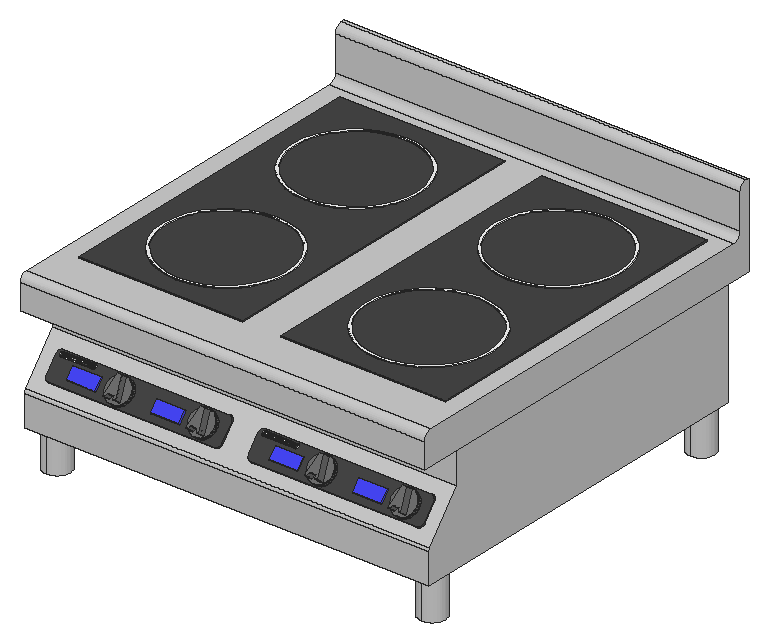
Revit family "QF_ADVENTYS_MO4I_24000_250902092656", category Specialty Equipment, Revit 2021
Family settings
  Round Connector Dimension = Use Diameter
  Part Type = Normal
  OmniClass Number = 23.40.40.14
  OmniClass Title = Food Service Equipment
  Work Plane-Based = No
  Always vertical = Yes
  Cut with Voids When Loaded = No
  Shared = No
  Room Calculation Point = No
Parameters (values of type "ADV1659")
  Weight in Pounds [instance] = 0
  Weight = 95.00 kg
  Warranty Start Date [instance] = ""
  Warranty Duration [instance] = ""
  Volts [instance] = 400 V
  URL Recommended Spares List = ""
  URL Manufacturer = ""
  URL Cutsheet = ""
  URL Critical Spares List = ""
  URL = "www.adventys.com"
  Tag Number [instance] = ""
  Status [instance] = ""
  Specification by User [instance] = ""
  Specification by Manufacturer [instance] = ""
  Sound Level [instance] = ""
  Solid Fuel Type [instance] = ""
  Service Life Duration [instance] = ""
  Serial Number [instance] = ""
  Seismic Rating [instance] = ""
  SMACNA No [instance] = ""
  Revision Code [instance] = ""
  Revision [instance] = ""
  Production Year [instance] = ""
  Point Load [instance] = 0
  Phase [instance] = 3
  Other Equipment Approvals [instance] = ""
  Number of Poles [instance] = 3
  NAFEM Spec ID Number [instance] = ""
  Model Warning [instance] = ""
  Model = "MO4I 24000"
  Min Ckt Ampacity [instance] = 0 A
  Max Overcurrent Protection [instance] = 0 A
  Masterspec [instance] = ""
  Manufacturer = "ADVENTYS"
  Length Actual = 800 mm
  Item Number [instance] = ""
  Installed By [instance] = ""
  Installation Date [instance] = ""
  Identify Quantity as Lot [instance] = no
  ID [instance] = ""
  Hygiene Approval [instance] = ""
  Hot Water Consumption = 0.0 L/s
  Height Actual = 455 mm
  HP power [instance] = ""
  Furnished By [instance] = ""
  Foodservice Equipment Identifier [instance] = no
  FL Amps [instance] = 40 A
  Electrical Remarks [instance] = ""
  Electric power [instance] = 0 W
  Electric Connection Type [instance] = ""
  Elec Conn RI Height [instance] = 0 mm
  Elec Conn Connection Height [instance] = 0 mm
  ETL Approved [instance] = no
  Description = "INDUCTION MODULE 4 ZONES THREE-PHASE"
  Depth Actual = 800 mm
  Default Elevation = 0 mm
  Cycle [instance] = 50 Hz
  Cost = 0
  Conn Plug [instance] = ""
  Conn Conduit [instance] = no
  CSI MasterFormat [instance] = ""
  CE Approved [instance] = no
  Barcode [instance] = 0
  Author [instance] = ""
  Asset Identifier [instance] = ""
  Apparent Power [instance] = 24000 VA
  Accessory = no
Reference planes
  plane 1 "Center (Front/Back)": y = 0
  plane 2: z = 0
  plane 3 "Center (Left/Right)": x = 0
Forms (mm)
  Extrusion 1, solid, not visible
    sketch origin (111.005, -39.002, 227.011) x (1, 0, 0) y (0, 1, 0)
      loop
        line (-2, 2) -> (-2, -2) -> (2, -2) -> (2, 2) -> (-2, 2)
    from -2 to 2
Dimensions and locks
  locked: Extrusion 1 to nested 2
  locked: nested 2 to Extrusion 1 at 2
  aligned and locked: level to plane 2
Nested families
  nested 1: "QF_ADVENTYS_ADV1659_2916" at (0, 0, 0), type "ADV1659"
    with Status "", Show Logo yes
  nested 2: "CONN_POINT_ELE_2D___Generic_Annotation" at (111.005, -37.002, 227.011), type "CONN_POINT_ELE_2D___Generic_Annotation"
    with Onboard connection annotation symbol visibility yes
Connectors
  electrical at (111.005, -37.002, 227.011), driven by "Apparent Power", driven by "Number of Poles", driven by "Volts"
    settings: on Extrusion 1, index 1, voltage 400 V, apparent load 0 VA, apparent load phase1 24000 VA, apparent load phase2 0 VA, apparent load phase3 0 VA, power factor 1, load classification "Other", number of poles 3, system type 31, power factor state 1, is connector primary yes, connector utility no, sub classification motor no, connector description "Electrical connection for MO4I 24000"
Definition of nested family "QF_ADVENTYS_ADV1659_2916"
  Parameters (values of type "ADV1659")
    URL = "www.adventys.com"
    Status [instance] = ""
    Show Logo [instance] = yes
    Model = "MO4I 24000"
    Manufacturer = "ADVENTYS"
    Description = "INDUCTION MODULE 4 ZONES THREE-PHASE"
    Default Elevation = 0 mm
    Author = "SPECIFI"
    Assembly Code = "E1090320"
  Reference planes
    plane 1 "Back": y = 0
    plane 2: z = 0
    plane 3 "Left": x = 0
    plane 4 "Right": x = 800
    plane 5 "Front": y = -800
    plane 6 "Top": z = 455
  Forms (mm)
    Extrusion 1, solid
      sketch origin (0, 0, 0) x (0, 1, 0) y (0, 0, 1)
        loop
          line (-790, 80) -> (-50, 80) -> (-50, 290.8) -> (-720, 290.8) -> (-720, 227.161) -> (-787.017, 147.294)
          arc (-787.017, 147.294) -> (-789.078, 143.88) -> (-790, 140) r 12.92
          line (-790, 140) -> (-790, 80)
      from 0 to 800
    Extrusion 2, solid
      sketch origin (0, 0, 0) x (0, 1, 0) y (0, 0, 1)
        loop
          line (0, 290.8) -> (0, 455) -> (-5, 455)
          arc (-5, 455) -> (-15.607, 450.607) -> (-20, 440) r 15
          line (-20, 440) -> (-20, 370.8)
          arc (-20, 370.8) -> (-24.393, 360.193) -> (-35, 355.8) r 15
          line (-35, 355.8) -> (-785, 355.8)
          arc (-785, 355.8) -> (-795.607, 351.407) -> (-800, 340.8) r 15
          line (-800, 340.8) -> (-800, 290.8) -> (0, 290.8)
      from 0 to 800
    Extrusion 3, solid
      sketch origin (37, -56.5, 0) x (1, 0, 0) y (0, 1, 0)
        loop
          line (0, 0) -> (0, -646) -> (326, -646) -> (326, 0) -> (0, 0)
      from 355.8 to 357.613
    Extrusion 4, solid
      sketch origin (0, 0, 0) x (1, 0, 0) y (0, 1, 0)
        loop
          circle (200, -220) r 125
        loop
          circle (200, -220) r 120
        loop
          circle (200, -540.027) r 125
        loop
          circle (200, -540.027) r 120
      from 357.613 to 358.673
    Extrusion 5, solid
      sketch origin (525, -720, 227.161) x (0, -0.642788, -0.766044) y (1, 0, 0)
        loop
          arc (26.45, -488.6) -> (29.379, -495.671) -> (36.45, -498.6) r 10
          line (36.45, -498.6) -> (72.45, -498.6)
          arc (72.45, -498.6) -> (79.521, -495.671) -> (82.45, -488.6) r 10
          line (82.45, -488.6) -> (82.45, -161.4)
          arc (82.45, -161.4) -> (79.521, -154.329) -> (72.45, -151.4) r 10
          line (72.45, -151.4) -> (36.45, -151.4)
          arc (36.45, -151.4) -> (29.379, -154.329) -> (26.45, -161.4) r 10
          line (26.45, -161.4) -> (26.45, -488.6)
      from 0 to 1.881
    Extrusion 6, solid
      sketch origin (525, -720, 227.161) x (0, -0.642788, -0.766044) y (1, 0, 0)
        loop
          line (44.95, -459.1) -> (68.95, -459.1) -> (68.95, -403.1) -> (44.95, -403.1) -> (44.95, -459.1)
        loop
          line (44.95, -293.6) -> (68.95, -293.6) -> (68.95, -237.6) -> (44.95, -237.6) -> (44.95, -293.6)
      from 1.881 to 3.679
    Extrusion 7, solid
      sketch origin (525, -720, 227.161) x (0, -0.642788, -0.766044) y (1, 0, 0)
        loop
          line (77.193, -371.481) -> (78.52, -367.858) -> (79.283, -363.991) -> (79.427, -360.015) -> (78.941, -356.081) -> (77.862, -352.331) -> (76.265, -348.888) -> (74.254, -345.841) -> (71.944, -343.24) -> (69.45, -341.1) -> (66.873, -339.405) -> (64.297, -338.121) -> (61.785, -337.2) -> (59.381, -336.591) -> (56.817, -336.212) -> (54.45, -336.1) -> (52.084, -336.212) -> (49.52, -336.591) -> (47.116, -337.2) -> (44.604, -338.121) -> (42.027, -339.405) -> (39.45, -341.1) -> (36.956, -343.24) -> (34.647, -345.841) -> (32.636, -348.888) -> (31.039, -352.331) -> (29.959, -356.081) -> (29.474, -360.015) -> (29.618, -363.991) -> (30.381, -367.858) -> (31.708, -371.481) -> (33.507, -374.752) -> (35.926, -377.889) -> (38.945, -380.711) -> (42.475, -383.045) -> (46.365, -384.756) -> (50.423, -385.773) -> (54.45, -386.1) -> (58.478, -385.773) -> (62.536, -384.756) -> (66.426, -383.045) -> (69.956, -380.711) -> (72.974, -377.889) -> (75.393, -374.752) -> (77.193, -371.481)
        loop
          line (78.941, -191.081) -> (77.862, -187.331) -> (76.265, -183.888) -> (74.254, -180.841) -> (71.944, -178.24) -> (69.45, -176.1) -> (66.873, -174.405) -> (64.297, -173.121) -> (61.785, -172.2) -> (59.381, -171.591) -> (56.817, -171.212) -> (54.45, -171.1) -> (52.084, -171.212) -> (49.52, -171.591) -> (47.116, -172.2) -> (44.604, -173.121) -> (42.027, -174.405) -> (39.45, -176.1) -> (36.956, -178.24) -> (34.647, -180.841) -> (32.636, -183.888) -> (31.039, -187.331) -> (29.959, -191.081) -> (29.474, -195.015) -> (29.618, -198.991) -> (30.381, -202.858) -> (31.708, -206.481) -> (33.507, -209.752) -> (35.926, -212.889) -> (38.945, -215.711) -> (42.475, -218.045) -> (46.365, -219.756) -> (50.423, -220.773) -> (54.45, -221.1) -> (58.478, -220.773) -> (62.536, -219.756) -> (66.426, -218.045) -> (69.956, -215.711) -> (72.974, -212.889) -> (75.393, -209.752) -> (77.193, -206.481) -> (78.52, -202.858) -> (79.283, -198.991) -> (79.427, -195.015) -> (78.941, -191.081)
      from 1.881 to 10
    Extrusion 8, solid
      sketch origin (525, -720, 227.161) x (0, -0.642788, -0.766044) y (1, 0, 0)
        loop
          line (72.45, -353.1) -> (72.45, -348.1) -> (31.45, -357.1) -> (31.45, -365.1) -> (72.45, -374.1) -> (72.45, -369.1) -> (66.45, -367.1) -> (66.45, -355.1) -> (72.45, -353.1)
      from 10 to 25.009
    Extrusion 9, solid
      sketch origin (690, -720, 227.161) x (0, -0.642788, -0.766044) y (1, 0, 0)
        loop
          line (72.45, -353.1) -> (72.45, -348.1) -> (31.45, -357.1) -> (31.45, -365.1) -> (72.45, -374.1) -> (72.45, -369.1) -> (66.45, -367.1) -> (66.45, -355.1) -> (72.45, -353.1)
      from 10 to 25.009
    Revolve 10, solid
      sketch origin (29, 0, 0) x (0, 1, 0) y (0, 0, 1)
        loop
          line (-719, 0) -> (-719, 80) -> (-745, 80) -> (-745, 0) -> (-719, 0)
        axis (-745, 80) -> (-745, 0)
      angle from 0 to 360
    Revolve 11, solid
      sketch origin (29, 665, 0) x (0, 1, 0) y (0, 0, 1)
        loop
          line (-719, 0) -> (-719, 80) -> (-745, 80) -> (-745, 0) -> (-719, 0)
        axis (-745, 80) -> (-745, 0)
      angle from 0 to 360
    Revolve 12, solid
      sketch origin (771, 0, 0) x (0, 1, 0) y (0, 0, 1)
        loop
          line (-719, 0) -> (-719, 80) -> (-745, 80) -> (-745, 0) -> (-719, 0)
        axis (-745, 80) -> (-745, 0)
      angle from 0 to 360
    Revolve 13, solid
      sketch origin (771, 665, 0) x (0, 1, 0) y (0, 0, 1)
        loop
          line (-719, 0) -> (-719, 80) -> (-745, 80) -> (-745, 0) -> (-719, 0)
        axis (-745, 80) -> (-745, 0)
      angle from 0 to 360
    Extrusion 14, solid
      sketch origin (0, 0, 0) x (1, 0, 0) y (0, 0, 1)
        loop
          line (173, 264) -> (47, 264) -> (47, 170) -> (173, 170) -> (173, 264)
      from 47.858 to 50
    Extrusion 15, solid
      sketch origin (0, 0, 0) x (1, 0, 0) y (0, 0, 1)
        loop
          circle (110.78, 227.161) r 15
      from 36.426 to 47.858
    Extrusion 16, solid
      sketch origin (925, -720, 227.161) x (0, -0.642788, -0.766044) y (1, 0, 0)
        loop
          arc (26.45, -488.6) -> (29.379, -495.671) -> (36.45, -498.6) r 10
          line (36.45, -498.6) -> (72.45, -498.6)
          arc (72.45, -498.6) -> (79.521, -495.671) -> (82.45, -488.6) r 10
          line (82.45, -488.6) -> (82.45, -161.4)
          arc (82.45, -161.4) -> (79.521, -154.329) -> (72.45, -151.4) r 10
          line (72.45, -151.4) -> (36.45, -151.4)
          arc (36.45, -151.4) -> (29.379, -154.329) -> (26.45, -161.4) r 10
          line (26.45, -161.4) -> (26.45, -488.6)
      from 0 to 1.881
    Extrusion 17, solid
      sketch origin (925, -720, 227.161) x (0, -0.642788, -0.766044) y (1, 0, 0)
        loop
          line (44.95, -459.1) -> (68.95, -459.1) -> (68.95, -403.1) -> (44.95, -403.1) -> (44.95, -459.1)
        loop
          line (44.95, -293.6) -> (68.95, -293.6) -> (68.95, -237.6) -> (44.95, -237.6) -> (44.95, -293.6)
      from 1.881 to 3.679
    Extrusion 18, solid
      sketch origin (925, -720, 227.161) x (0, -0.642788, -0.766044) y (1, 0, 0)
        loop
          line (77.193, -371.481) -> (78.52, -367.858) -> (79.283, -363.991) -> (79.427, -360.015) -> (78.941, -356.081) -> (77.862, -352.331) -> (76.265, -348.888) -> (74.254, -345.841) -> (71.944, -343.24) -> (69.45, -341.1) -> (66.873, -339.405) -> (64.297, -338.121) -> (61.785, -337.2) -> (59.381, -336.591) -> (56.817, -336.212) -> (54.45, -336.1) -> (52.084, -336.212) -> (49.52, -336.591) -> (47.116, -337.2) -> (44.604, -338.121) -> (42.027, -339.405) -> (39.45, -341.1) -> (36.956, -343.24) -> (34.647, -345.841) -> (32.636, -348.888) -> (31.039, -352.331) -> (29.959, -356.081) -> (29.474, -360.015) -> (29.618, -363.991) -> (30.381, -367.858) -> (31.708, -371.481) -> (33.507, -374.752) -> (35.926, -377.889) -> (38.945, -380.711) -> (42.475, -383.045) -> (46.365, -384.756) -> (50.423, -385.773) -> (54.45, -386.1) -> (58.478, -385.773) -> (62.536, -384.756) -> (66.426, -383.045) -> (69.956, -380.711) -> (72.974, -377.889) -> (75.393, -374.752) -> (77.193, -371.481)
        loop
          line (78.941, -191.081) -> (77.862, -187.331) -> (76.265, -183.888) -> (74.254, -180.841) -> (71.944, -178.24) -> (69.45, -176.1) -> (66.873, -174.405) -> (64.297, -173.121) -> (61.785, -172.2) -> (59.381, -171.591) -> (56.817, -171.212) -> (54.45, -171.1) -> (52.084, -171.212) -> (49.52, -171.591) -> (47.116, -172.2) -> (44.604, -173.121) -> (42.027, -174.405) -> (39.45, -176.1) -> (36.956, -178.24) -> (34.647, -180.841) -> (32.636, -183.888) -> (31.039, -187.331) -> (29.959, -191.081) -> (29.474, -195.015) -> (29.618, -198.991) -> (30.381, -202.858) -> (31.708, -206.481) -> (33.507, -209.752) -> (35.926, -212.889) -> (38.945, -215.711) -> (42.475, -218.045) -> (46.365, -219.756) -> (50.423, -220.773) -> (54.45, -221.1) -> (58.478, -220.773) -> (62.536, -219.756) -> (66.426, -218.045) -> (69.956, -215.711) -> (72.974, -212.889) -> (75.393, -209.752) -> (77.193, -206.481) -> (78.52, -202.858) -> (79.283, -198.991) -> (79.427, -195.015) -> (78.941, -191.081)
      from 1.881 to 10
    Extrusion 19, solid
      sketch origin (925, -720, 227.161) x (0, -0.642788, -0.766044) y (1, 0, 0)
        loop
          line (72.45, -353.1) -> (72.45, -348.1) -> (31.45, -357.1) -> (31.45, -365.1) -> (72.45, -374.1) -> (72.45, -369.1) -> (66.45, -367.1) -> (66.45, -355.1) -> (72.45, -353.1)
      from 10 to 25.009
    Extrusion 20, solid
      sketch origin (1090, -720, 227.161) x (0, -0.642788, -0.766044) y (1, 0, 0)
        loop
          line (72.45, -353.1) -> (72.45, -348.1) -> (31.45, -357.1) -> (31.45, -365.1) -> (72.45, -374.1) -> (72.45, -369.1) -> (66.45, -367.1) -> (66.45, -355.1) -> (72.45, -353.1)
      from 10 to 25.009
    Extrusion 21, solid
      sketch origin (437, -56.5, 0) x (1, 0, 0) y (0, 1, 0)
        loop
          line (0, 0) -> (0, -646) -> (326, -646) -> (326, 0) -> (0, 0)
      from 355.8 to 357.613
    Extrusion 22, solid
      sketch origin (400, 0, 0) x (1, 0, 0) y (0, 1, 0)
        loop
          circle (200, -220) r 125
        loop
          circle (200, -220) r 120
        loop
          circle (200, -540.027) r 125
        loop
          circle (200, -540.027) r 120
      from 357.613 to 358.673
    Extrusion 23, solid, visible <- "Show Logo"
      sketch origin (-49.795, -335.149, 413.73) x (1, 0, 0) y (0, 0.642788, 0.766044)
        loop
          arc (88.581, -421.313) -> (88.113, -421.507) -> (87.92, -421.974) r 0.661
          line (87.92, -421.974) -> (87.92, -423.61)
          arc (87.92, -423.61) -> (88.124, -424.087) -> (88.609, -424.27) r 0.661
          line (88.609, -424.27) -> (88.609, -423.032)
          arc (88.609, -423.032) -> (88.952, -422.351) -> (89.662, -422.077) r 1.058
          line (89.662, -422.077) -> (92.486, -422.077)
          arc (92.486, -422.077) -> (92.335, -421.544) -> (91.833, -421.313) r 0.661
          line (91.833, -421.313) -> (88.581, -421.313)
        loop
          arc (88.581, -420.916) -> (87.833, -421.226) -> (87.523, -421.974) r 1.058
          line (87.523, -421.974) -> (87.523, -423.61)
          arc (87.523, -423.61) -> (87.843, -424.368) -> (88.609, -424.667) r 1.058
          arc (88.609, -424.667) -> (88.88, -425.483) -> (89.667, -425.828) r 1.058
          arc (89.667, -425.828) -> (89.974, -426.583) -> (90.725, -426.896) r 1.058
          line (90.725, -426.896) -> (93.719, -426.896)
          arc (93.719, -426.896) -> (94.467, -426.586) -> (94.777, -425.838) r 1.058
          line (94.777, -425.838) -> (94.777, -424.306)
          arc (94.777, -424.306) -> (94.463, -423.554) -> (93.708, -423.248) r 1.058
          arc (93.708, -423.248) -> (93.515, -422.517) -> (92.883, -422.101) r 1.058
          arc (92.883, -422.101) -> (92.625, -421.273) -> (91.833, -420.916) r 1.058
          line (91.833, -420.916) -> (88.581, -420.916)
        loop
          arc (93.719, -426.499) -> (94.187, -426.306) -> (94.38, -425.838) r 0.661
          line (94.38, -425.838) -> (94.38, -424.306)
          arc (94.38, -424.306) -> (94.185, -423.837) -> (93.714, -423.645) r 0.661
          line (93.714, -423.645) -> (93.714, -424.77)
          arc (93.714, -424.77) -> (93.404, -425.518) -> (92.656, -425.828) r 1.058
          line (92.656, -425.828) -> (90.064, -425.828)
          arc (90.064, -425.828) -> (90.254, -426.302) -> (90.725, -426.499) r 0.661
          line (90.725, -426.499) -> (93.719, -426.499)
        loop
          arc (95.546, -425.156) -> (95.587, -425.684) -> (96.116, -425.67) r 0.384
          line (96.116, -425.67) -> (96.845, -424.94) -> (99.743, -424.94) -> (100.472, -425.67)
          arc (100.472, -425.67) -> (101.001, -425.684) -> (101.042, -425.156) r 0.384
          line (101.042, -425.156) -> (98.294, -421.762) -> (95.546, -425.156)
        loop
          line (98.294, -423.127) -> (97.364, -424.275) -> (99.224, -424.275) -> (98.294, -423.127)
        loop
          line (102.315, -421.827) -> (102.315, -425.732) -> (105.995, -425.732)
          arc (105.995, -425.732) -> (107.947, -423.78) -> (105.995, -421.827) r 1.953
          line (105.995, -421.827) -> (102.315, -421.827)
        loop
          line (105.995, -422.854) -> (103.343, -422.854) -> (103.343, -424.705) -> (105.995, -424.705)
          arc (105.995, -424.705) -> (106.92, -423.78) -> (105.995, -422.854) r 0.925
        loop
          arc (109.84, -422.053) -> (109.312, -422.039) -> (109.27, -422.566) r 0.384
          line (109.27, -422.566) -> (112.019, -425.961) -> (114.767, -422.566)
          arc (114.767, -422.566) -> (114.725, -422.039) -> (114.197, -422.053) r 0.384
          line (114.197, -422.053) -> (112.019, -424.743) -> (109.84, -422.053)
        loop
          line (121.269, -421.781) -> (116.07, -421.781) -> (116.07, -425.732) -> (121.269, -425.732)
          arc (121.269, -425.732) -> (121.671, -425.331) -> (121.269, -424.93) r 0.401
          line (121.269, -424.93) -> (116.972, -424.93) -> (116.972, -424.139) -> (121.269, -424.139)
          arc (121.269, -424.139) -> (121.633, -423.775) -> (121.269, -423.412) r 0.363
          line (121.269, -423.412) -> (116.972, -423.412) -> (116.972, -422.583) -> (121.269, -422.583)
          arc (121.269, -422.583) -> (121.671, -422.182) -> (121.269, -421.781) r 0.401
        loop
          line (122.879, -422.331) -> (122.879, -425.274)
          arc (122.879, -425.274) -> (123.306, -425.701) -> (123.733, -425.274) r 0.427
          line (123.733, -425.274) -> (123.733, -423.122) -> (127.538, -425.5)
          arc (127.538, -425.5) -> (128.155, -425.516) -> (128.468, -424.984) r 0.608
          line (128.468, -424.984) -> (128.468, -422.254)
          arc (128.468, -422.254) -> (128.018, -421.804) -> (127.568, -422.254) r 0.45
          line (127.568, -422.254) -> (127.568, -424.337) -> (123.663, -421.897)
          arc (123.663, -421.897) -> (123.143, -421.883) -> (122.879, -422.331) r 0.513
        loop
          arc (130.273, -421.857) -> (129.778, -422.352) -> (130.273, -422.846) r 0.494
          line (130.273, -422.846) -> (132.065, -422.846) -> (132.065, -425.082)
          arc (132.065, -425.082) -> (132.54, -425.558) -> (133.016, -425.082) r 0.475
          line (133.016, -425.082) -> (133.016, -422.846) -> (134.724, -422.846)
          arc (134.724, -422.846) -> (135.218, -422.352) -> (134.724, -421.857) r 0.494
          line (134.724, -421.857) -> (130.273, -421.857)
        loop
          line (139.461, -423.175) -> (137.5, -421.853)
          arc (137.5, -421.853) -> (136.836, -421.982) -> (136.965, -422.646) r 0.479
          line (136.965, -422.646) -> (138.926, -423.969) -> (138.926, -425.108)
          arc (138.926, -425.108) -> (139.461, -425.643) -> (139.997, -425.108) r 0.535
          line (139.997, -425.108) -> (139.997, -423.969) -> (141.958, -422.646)
          arc (141.958, -422.646) -> (142.087, -421.982) -> (141.423, -421.853) r 0.479
          line (141.423, -421.853) -> (139.461, -423.175)
        loop
          line (148.501, -421.857) -> (144.795, -421.857)
          arc (144.795, -421.857) -> (143.661, -422.991) -> (144.795, -424.125) r 1.134
          line (144.795, -424.125) -> (147.852, -424.125)
          arc (147.852, -424.125) -> (148.265, -424.538) -> (147.852, -424.951) r 0.413
          line (147.852, -424.951) -> (144.128, -424.951)
          arc (144.128, -424.951) -> (143.786, -425.292) -> (144.128, -425.634) r 0.342
          line (144.128, -425.634) -> (148.218, -425.634)
          arc (148.218, -425.634) -> (148.994, -424.394) -> (147.885, -423.44) r 1.122
          line (147.885, -423.44) -> (144.736, -423.44)
          arc (144.736, -423.44) -> (144.286, -422.99) -> (144.736, -422.541) r 0.45
          line (144.736, -422.541) -> (148.501, -422.541)
          arc (148.501, -422.541) -> (148.843, -422.199) -> (148.501, -421.857) r 0.342
        loop
          arc (87.442, -420.162) -> (83.674, -423.931) -> (87.442, -427.699) r 3.769
          line (87.442, -427.699) -> (150.103, -427.699)
          arc (150.103, -427.699) -> (153.872, -423.931) -> (150.103, -420.162) r 3.769
          line (150.103, -420.162) -> (87.442, -420.162)
        loop
          arc (87.442, -419.771) -> (83.283, -423.931) -> (87.442, -428.091) r 4.16
          line (87.442, -428.091) -> (150.103, -428.091)
          arc (150.103, -428.091) -> (154.263, -423.931) -> (150.103, -419.771) r 4.16
          line (150.103, -419.771) -> (87.442, -419.771)
      from 176.77 to 176.97
    Extrusion 24, solid, visible <- "Show Logo"
      sketch origin (350.205, -335.149, 413.73) x (1, 0, 0) y (0, 0.642788, 0.766044)
        loop
          arc (88.581, -421.313) -> (88.113, -421.507) -> (87.92, -421.974) r 0.661
          line (87.92, -421.974) -> (87.92, -423.61)
          arc (87.92, -423.61) -> (88.124, -424.087) -> (88.609, -424.27) r 0.661
          line (88.609, -424.27) -> (88.609, -423.032)
          arc (88.609, -423.032) -> (88.952, -422.351) -> (89.662, -422.077) r 1.058
          line (89.662, -422.077) -> (92.486, -422.077)
          arc (92.486, -422.077) -> (92.335, -421.544) -> (91.833, -421.313) r 0.661
          line (91.833, -421.313) -> (88.581, -421.313)
        loop
          arc (88.581, -420.916) -> (87.833, -421.226) -> (87.523, -421.974) r 1.058
          line (87.523, -421.974) -> (87.523, -423.61)
          arc (87.523, -423.61) -> (87.843, -424.368) -> (88.609, -424.667) r 1.058
          arc (88.609, -424.667) -> (88.88, -425.483) -> (89.667, -425.828) r 1.058
          arc (89.667, -425.828) -> (89.974, -426.583) -> (90.725, -426.896) r 1.058
          line (90.725, -426.896) -> (93.719, -426.896)
          arc (93.719, -426.896) -> (94.467, -426.586) -> (94.777, -425.838) r 1.058
          line (94.777, -425.838) -> (94.777, -424.306)
          arc (94.777, -424.306) -> (94.463, -423.554) -> (93.708, -423.248) r 1.058
          arc (93.708, -423.248) -> (93.515, -422.517) -> (92.883, -422.101) r 1.058
          arc (92.883, -422.101) -> (92.625, -421.273) -> (91.833, -420.916) r 1.058
          line (91.833, -420.916) -> (88.581, -420.916)
        loop
          arc (93.719, -426.499) -> (94.187, -426.306) -> (94.38, -425.838) r 0.661
          line (94.38, -425.838) -> (94.38, -424.306)
          arc (94.38, -424.306) -> (94.185, -423.837) -> (93.714, -423.645) r 0.661
          line (93.714, -423.645) -> (93.714, -424.77)
          arc (93.714, -424.77) -> (93.404, -425.518) -> (92.656, -425.828) r 1.058
          line (92.656, -425.828) -> (90.064, -425.828)
          arc (90.064, -425.828) -> (90.254, -426.302) -> (90.725, -426.499) r 0.661
          line (90.725, -426.499) -> (93.719, -426.499)
        loop
          arc (95.546, -425.156) -> (95.587, -425.684) -> (96.116, -425.67) r 0.384
          line (96.116, -425.67) -> (96.845, -424.94) -> (99.743, -424.94) -> (100.472, -425.67)
          arc (100.472, -425.67) -> (101.001, -425.684) -> (101.042, -425.156) r 0.384
          line (101.042, -425.156) -> (98.294, -421.762) -> (95.546, -425.156)
        loop
          line (98.294, -423.127) -> (97.364, -424.275) -> (99.224, -424.275) -> (98.294, -423.127)
        loop
          line (102.315, -421.827) -> (102.315, -425.732) -> (105.995, -425.732)
          arc (105.995, -425.732) -> (107.947, -423.78) -> (105.995, -421.827) r 1.953
          line (105.995, -421.827) -> (102.315, -421.827)
        loop
          line (105.995, -422.854) -> (103.343, -422.854) -> (103.343, -424.705) -> (105.995, -424.705)
          arc (105.995, -424.705) -> (106.92, -423.78) -> (105.995, -422.854) r 0.925
        loop
          arc (109.84, -422.053) -> (109.312, -422.039) -> (109.27, -422.566) r 0.384
          line (109.27, -422.566) -> (112.019, -425.961) -> (114.767, -422.566)
          arc (114.767, -422.566) -> (114.725, -422.039) -> (114.197, -422.053) r 0.384
          line (114.197, -422.053) -> (112.019, -424.743) -> (109.84, -422.053)
        loop
          line (121.269, -421.781) -> (116.07, -421.781) -> (116.07, -425.732) -> (121.269, -425.732)
          arc (121.269, -425.732) -> (121.671, -425.331) -> (121.269, -424.93) r 0.401
          line (121.269, -424.93) -> (116.972, -424.93) -> (116.972, -424.139) -> (121.269, -424.139)
          arc (121.269, -424.139) -> (121.633, -423.775) -> (121.269, -423.412) r 0.363
          line (121.269, -423.412) -> (116.972, -423.412) -> (116.972, -422.583) -> (121.269, -422.583)
          arc (121.269, -422.583) -> (121.671, -422.182) -> (121.269, -421.781) r 0.401
        loop
          line (122.879, -422.331) -> (122.879, -425.274)
          arc (122.879, -425.274) -> (123.306, -425.701) -> (123.733, -425.274) r 0.427
          line (123.733, -425.274) -> (123.733, -423.122) -> (127.538, -425.5)
          arc (127.538, -425.5) -> (128.155, -425.516) -> (128.468, -424.984) r 0.608
          line (128.468, -424.984) -> (128.468, -422.254)
          arc (128.468, -422.254) -> (128.018, -421.804) -> (127.568, -422.254) r 0.45
          line (127.568, -422.254) -> (127.568, -424.337) -> (123.663, -421.897)
          arc (123.663, -421.897) -> (123.143, -421.883) -> (122.879, -422.331) r 0.513
        loop
          arc (130.273, -421.857) -> (129.778, -422.352) -> (130.273, -422.846) r 0.494
          line (130.273, -422.846) -> (132.065, -422.846) -> (132.065, -425.082)
          arc (132.065, -425.082) -> (132.54, -425.558) -> (133.016, -425.082) r 0.475
          line (133.016, -425.082) -> (133.016, -422.846) -> (134.724, -422.846)
          arc (134.724, -422.846) -> (135.218, -422.352) -> (134.724, -421.857) r 0.494
          line (134.724, -421.857) -> (130.273, -421.857)
        loop
          line (139.461, -423.175) -> (137.5, -421.853)
          arc (137.5, -421.853) -> (136.836, -421.982) -> (136.965, -422.646) r 0.479
          line (136.965, -422.646) -> (138.926, -423.969) -> (138.926, -425.108)
          arc (138.926, -425.108) -> (139.461, -425.643) -> (139.997, -425.108) r 0.535
          line (139.997, -425.108) -> (139.997, -423.969) -> (141.958, -422.646)
          arc (141.958, -422.646) -> (142.087, -421.982) -> (141.423, -421.853) r 0.479
          line (141.423, -421.853) -> (139.461, -423.175)
        loop
          line (148.501, -421.857) -> (144.795, -421.857)
          arc (144.795, -421.857) -> (143.661, -422.991) -> (144.795, -424.125) r 1.134
          line (144.795, -424.125) -> (147.852, -424.125)
          arc (147.852, -424.125) -> (148.265, -424.538) -> (147.852, -424.951) r 0.413
          line (147.852, -424.951) -> (144.128, -424.951)
          arc (144.128, -424.951) -> (143.786, -425.292) -> (144.128, -425.634) r 0.342
          line (144.128, -425.634) -> (148.218, -425.634)
          arc (148.218, -425.634) -> (148.994, -424.394) -> (147.885, -423.44) r 1.122
          line (147.885, -423.44) -> (144.736, -423.44)
          arc (144.736, -423.44) -> (144.286, -422.99) -> (144.736, -422.541) r 0.45
          line (144.736, -422.541) -> (148.501, -422.541)
          arc (148.501, -422.541) -> (148.843, -422.199) -> (148.501, -421.857) r 0.342
        loop
          arc (87.442, -420.162) -> (83.674, -423.931) -> (87.442, -427.699) r 3.769
          line (87.442, -427.699) -> (150.103, -427.699)
          arc (150.103, -427.699) -> (153.872, -423.931) -> (150.103, -420.162) r 3.769
          line (150.103, -420.162) -> (87.442, -420.162)
        loop
          arc (87.442, -419.771) -> (83.283, -423.931) -> (87.442, -428.091) r 4.16
          line (87.442, -428.091) -> (150.103, -428.091)
          arc (150.103, -428.091) -> (154.263, -423.931) -> (150.103, -419.771) r 4.16
          line (150.103, -419.771) -> (87.442, -419.771)
      from 176.77 to 176.97
  Lines and regions (mm)
    symbolic lines
      curve 1: line (0, 0, 0) -> (800, 0, 0)
      curve 2: line (0, -800, 0) -> (0, 0, 0)
      curve 3: line (800, -800, 0) -> (0, -800, 0)
      curve 4: line (800, 0, 0) -> (800, -800, 0)
      curve 5: line (37, -56.5, 0) -> (363, -56.5, 0)
      curve 6: line (37, -702.5, 0) -> (37, -56.5, 0)
      curve 7: line (363, -702.5, 0) -> (37, -702.5, 0)
      curve 8: line (363, -56.5, 0) -> (363, -702.5, 0)
      curve 9: line (437, -56.5, 0) -> (763, -56.5, 0)
      curve 10: line (437, -702.5, 0) -> (437, -56.5, 0)
      curve 11: line (763, -702.5, 0) -> (437, -702.5, 0)
      curve 12: line (763, -56.5, 0) -> (763, -702.5, 0)
      curve 13: arc (325, -220, 0) -> (200, -95, 0) -> (75, -220, 0) r 125
      curve 14: arc (75, -220, 0) -> (200, -345, 0) -> (325, -220, 0) r 125
      curve 15: arc (725, -220, 0) -> (600, -95, 0) -> (475, -220, 0) r 125
      curve 16: arc (475, -220, 0) -> (600, -345, 0) -> (725, -220, 0) r 125
      curve 17: arc (325, -540.027, 0) -> (200, -415.027, 0) -> (75, -540.027, 0) r 125
      curve 18: arc (75, -540.027, 0) -> (200, -665.027, 0) -> (325, -540.027, 0) r 125
      curve 19: arc (725, -540.027, 0) -> (600, -415.027, 0) -> (475, -540.027, 0) r 125
      curve 20: arc (475, -540.027, 0) -> (600, -665.027, 0) -> (725, -540.027, 0) r 125
      curve 21: line (0, -20, 0) -> (800, -20, 0)
  Dimensions and locks
    plane 6 "Top" to level = 455 mm
    aligned and locked: level to plane 2
Definition of nested family "CONN_POINT_ELE_2D___Generic_Annotation"
  Parameters (values of type "CONN_POINT_ELE_2D___Generic_Annotation")
    Onboard connection annotation symbol visibility [instance] = yes
  Reference planes
    plane 1: y = 0
    plane 2: x = 0
  Lines and regions (mm)
    detail lines, visible <- "Onboard connection annotation symbol visibility"
      curve 1: circle (0, 0, 0) r 0.5 normal (0, 0, 1)
      curve 2: line (-1, 0, 0) -> (1, 0, 0)
      curve 3: line (0, 1, 0) -> (0, -1, 0)
      curve 4: line (2.5, 1, 0) -> (1.25, 1, 0)
      curve 5: line (1.25, 1, 0) -> (1.25, -1, 0)
      curve 6: line (1.25, -1, 0) -> (2.5, -1, 0)
      curve 7: line (1.25, 0, 0) -> (2, 0, 0)
